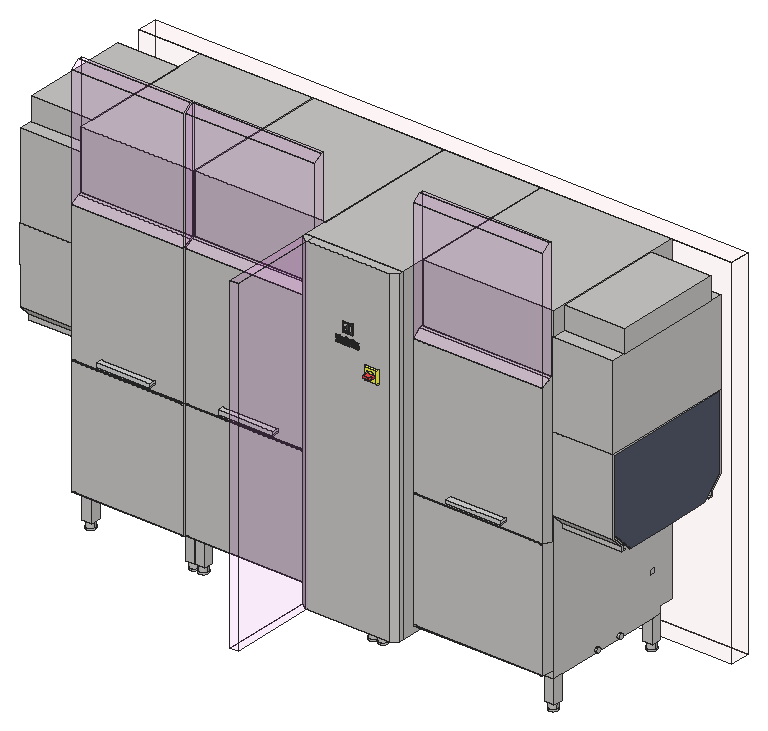
Revit family "QF_ELECTROLUXPROFESSIONAL_535063_EMR15NELEM", category Attrezzature speciali, Revit 2020
Family settings
  Quota connettore circolare = Usa diametro
  Tipo di parte = Normale
  Basato su piano di lavoro = No
  Sempre verticale = Sì
  Taglio con vuoti quando caricato = No
  Condiviso = No
  Punto di calcolo locali = No
Parameters (values of type "Standard")
  Weight = 511.00 kg
  Watts = 47700 W
  Volts = 380 V
  URL Manufacturer = "https://www.electroluxprofessional.com/"
  URL = "https://www.electroluxprofessional.com/"
  Steam Supply Size = 0 mm
  Steam Supply Minimum Pressure = 0.0 Pa
  Steam Supply Maximum Pressure = 0.0 Pa
  Steam Consumption per Hour = 0
  Show Logo [instance] = yes
  Show Clearance [instance] = yes
  Refrigeration Suction Line Size = 0 mm
  Refrigeration Liquid Line Size = 0 mm
  Refrigerant Compressor Remote = yes
  Prospetto di default = 0 mm
  Produttore = "Electrolux Professional"
  Phase = 3
  Modello = "EMR15NELEM"
  Length Actual = 2940 mm  # constant formula
  Item Number = "535063"
  Hot Water Size = 19.05 mm
  Height Actual = 1785 mm  # constant formula
  HP = "64 HP"
  Gas Size = 0 mm
  Gas KW = 0
  Gas Input Pressure = 0 W
  Direct Waste Size = 50 mm
  Descrizione = "MULTIRIN.RT, 150R/H, EL. L>R, ESD-THERMAL LABEL COMPLIANT"
  Depth Actual = 895 mm  # constant formula
  Cycle = 50 Hz
  Condensate Return Size = 0 mm
  Compressed Air Volume = 0.0 L/s
  Compressed Air Size = 0 mm
  Compressed Air Pressure = 0.0 Pa
  Cold Water Size = 19.05 mm
  Accessory = yes
Reference planes
  plane 1 "Center (Front/Back)": y = 50
  plane 2: z = 0
  plane 3 "LEFT": x = -776
  plane 4 "RIGHT": x = 2164
  plane 5 "BACK": y = 450
  plane 6: z = 2095
  plane 7: z = 1785
  plane 8: y = -220
  plane 9: x = 414
  plane 10: y = -277.999
  plane 11: through (879, 430.532, 4000) normal (0.7071, 0.7071, 0)
  plane 12: through (899, 430.532, 4000) normal (0.7071, -0.7071, 0)
  plane 13: through (1069, 430.532, 4000) normal (0.7071, -0.7071, 0)
  plane 14: through (1049, 430.532, 4000) normal (0.7071, 0.7071, 0)
  plane 15: through (964, -302, 4000) normal (0.7071, 0.7071, 0)
  plane 16: through (984, -302, 4000) normal (0.7071, -0.7071, 0)
  plane 17: through (0, 318, 353) normal (0, 0.7071, -0.7071)
  plane 18: through (0, 318, 373) normal (0, -0.7071, -0.7071)
Forms (mm)
  Extrusion 1, solid, material "QF_Finishes_Clearance", visible <- "Show Clearance"
    sketch origin (0, 0, 0) x (1, 0, 0) y (0, 1, 0)
      loop
        line (-776, 450) -> (2164, 450) -> (2164, 550) -> (-776, 550) -> (-776, 450)
    from 0 to 1785
  Extrusion 2, solid, material "QF_Finishes_Stainless Steel"
    sketch origin (471.404, 247.509, 148) x (0, -1, 0) y (1, 0, 0)
      loop
        line (-163.023, 407.596) -> (-163.023, 427.596) -> (-183.023, 427.596) -> (-183.023, 407.596) -> (-163.023, 407.596)
    from 0 to 2
  Extrusion 3, solid, material "QF_Finishes_Stainless Steel"
    sketch origin (1476.596, 247.509, 148) x (0, 1, 0) y (-1, 0, 0)
      loop
        line (163.023, 407.596) -> (183.023, 407.596) -> (183.023, 427.596) -> (163.023, 427.596) -> (163.023, 407.596)
    from 0 to 2
  Extrusion 4, solid, material "QF_Finishes_Stainless Steel"
    sketch origin (556.404, -485.023, 148) x (0, -1, 0) y (1, 0, 0)
      loop
        line (-163.023, 407.596) -> (-163.023, 427.596) -> (-183.023, 427.596) -> (-183.023, 407.596) -> (-163.023, 407.596)
    from 0 to 2
  Extrusion 5, solid, material "QF_Finishes_Stainless Steel"
    sketch origin (-478, 249.977, 990.404) x (0, 0, 1) y (0, -1, 0)
      loop
        line (407.596, -163.023) -> (407.596, -183.023) -> (427.596, -183.023) -> (427.596, -163.023) -> (407.596, -163.023)
    from 0 to 2
  Extrusion 6, solid, material "QF_Finishes_Stainless Steel"
    sketch origin (-478, 249.977, 940.404) x (0, 0, 1) y (0, -1, 0)
      loop
        line (407.596, -163.023) -> (407.596, -183.023) -> (427.596, -183.023) -> (427.596, -163.023) -> (407.596, -163.023)
    from 0 to 2
  Extrusion 7, solid, material "QF_Finishes_Stainless Steel"
    sketch origin (1866, 249.977, 990.404) x (0, 0, 1) y (0, 1, 0)
      loop
        line (407.596, 163.023) -> (427.596, 163.023) -> (427.596, 183.023) -> (407.596, 183.023) -> (407.596, 163.023)
    from 0 to 2
  Extrusion 8, solid, material "QF_Finishes_Stainless Steel"
    sketch origin (1866, 249.977, 940.404) x (0, 0, 1) y (0, 1, 0)
      loop
        line (407.596, 163.023) -> (427.596, 163.023) -> (427.596, 183.023) -> (407.596, 183.023) -> (407.596, 163.023)
    from 0 to 2
  Extrusion 9, solid, material "QF_Finishes_Stainless Steel"
    sketch origin (1866, 154.977, -54.596) x (0, 0, 1) y (0, 1, 0)
      loop
        line (407.596, 163.023) -> (427.596, 163.023) -> (427.596, 183.023) -> (407.596, 183.023) -> (407.596, 163.023)
    from 0 to 2
  Extrusion 10, solid, material "QF_Finishes_Stainless Steel"
    sketch origin (1869.617, 892.464, 1271.423) x (0, 0, -1) y (0, -1, 0)
      loop
        circle (1102.159, 772.464) r 10
    from -9.383 to 5.617
  Extrusion 11, solid, material "QF_Finishes_Stainless Steel"
    sketch origin (1869.617, 752.464, 1271.423) x (0, 0, -1) y (0, -1, 0)
      loop
        circle (1102.159, 772.464) r 10
    from -9.383 to 5.617
  Extrusion 12, solid, material "QF_Finishes_Stainless Steel"
    sketch origin (-481.617, 752.464, 1289.423) x (0, 0, -1) y (0, 1, 0)
      loop
        circle (1102.159, -772.464) r 25
    from -9.383 to 5.617
  Extrusion 13, solid, material "QF_Finishes_Stainless Steel"
    sketch origin (1987.023, 452, -177.096) x (0, 0, 1) y (-1, 0, 0)
      loop
        line (407.596, 163.023) -> (427.596, 163.023) -> (427.596, 183.023) -> (407.596, 183.023) -> (407.596, 163.023)
    from 0 to 2
  Extrusion 14, solid, material "QF_Finishes_Stainless Steel"
    sketch origin (-478, 154.977, -54.596) x (0, 0, 1) y (0, -1, 0)
      loop
        line (407.596, -163.023) -> (407.596, -183.023) -> (427.596, -183.023) -> (427.596, -163.023) -> (407.596, -163.023)
    from 0 to 2
  Extrusion 15, solid, material "QF_Finishes_Door Clearance", visible <- "Show Clearance"
    sketch origin (1539, 66.742, 602) x (0, 1, 0) y (0, 0, 1)
      loop
        line (-351.742, 1493) -> (-368.817, 1493) -> (-408.742, 1463.413) -> (-408.742, 861.413) -> (-368.817, 891) -> (-351.742, 891) -> (-351.742, 1493)
    from -320 to 320
  Extrusion 16, solid, material "QF_Finishes_Door Clearance", visible <- "Show Clearance"
    sketch origin (-152, 63.742, 602) x (0, 1, 0) y (0, 0, 1)
      loop
        line (-351.742, 1493) -> (-368.817, 1493) -> (-408.742, 1463.413) -> (-408.742, 861.413) -> (-368.817, 891) -> (-351.742, 891) -> (-351.742, 1493)
    from -320 to 234
  Extrusion 17, solid, material "QF_Finishes_Door Clearance", visible <- "Show Clearance"
    sketch origin (409.648, 66.742, 602) x (0, 1, 0) y (0, 0, 1)
      loop
        line (-351.742, 1493) -> (-368.817, 1493) -> (-408.742, 1463.413) -> (-408.742, 861.413) -> (-368.817, 891) -> (-351.742, 891) -> (-351.742, 1493)
    from -320 to 320
  Extrusion 18, solid, material "QF_Finishes_Door Clearance", visible <- "Show Clearance"
    sketch origin (811.211, 799.242, 0) x (1, 0, 0) y (0, 1, 0)
      loop
        line (-76.563, -1201.332) -> (-76.563, -1674.242) -> (-34.063, -1674.242) -> (-34.063, -1201.332) -> (-76.563, -1201.332)
    from 150 to 1785
Dimensions and locks
  plane 3 "LEFT" to plane 4 "RIGHT" = 2940 mm
  plane 6 to level = 2095 mm
  plane 7 to level = 1785 mm
  nested 1 to level = 2095 mm
  nested 2 to plane 10 = 167 mm
  nested 4 to nested 5 = 1780 mm
  nested 7 to nested 4 = 796 mm
  nested 5 to nested 6 = 796 mm
  nested 1 to Extrusion 1 = 860 mm
  Extrusion 1 to nested 3 = 300 mm
  nested 2 to nested 3 = 894.999 mm
  plane 3 "LEFT" to plane 9 to plane 4 "RIGHT" = 1190 mm, 1750 mm
  aligned and locked: level to plane 2
Nested families
  nested 1: "MODULO_GRANDE - 650" at (469.563, 61.742, 0), type "MODULO_GRANDE - 650"
    with Show Logo yes, Show Clearance yes
  nested 2: "MODULO_CENTRALE - 480" at (810.563, 799.242, 0), type "MODULO_CENTRALE - 480"
    with Show Right yes, Show Logo yes, Show Left no, Show Clearance yes
  nested 3: "MODULO_GRANDE - 650" at (1599.563, 61.742, 0), type "MODULO_GRANDE - 650"
    with Show Logo yes, Show Clearance yes
  nested 4: "Piedino_Square_150H" at (107.5, -254.499, 0), type "Piedino_Square_150H"
  nested 5: "Piedino_Square_150H" at (1840.5, -254.499, 0), type "Piedino_Square_150H"
  nested 6: "Piedino_Square_150H" at (997.5, -254.499, 0), type "Piedino_Square_150H"
  nested 7: "Piedino_Square_150H" at (950.5, -254.499, 0), type "Piedino_Square_150H"
  nested 8: "Piedino_Square_150H" at (107.5, 354.5, 0), type "Piedino_Square_150H"
  nested 9: "Piedino_Square_150H" at (1840.5, 354.5, 0), type "Piedino_Square_150H"
  nested 10: "Piedino_Square_150H" at (997.5, 354.5, 0), type "Piedino_Square_150H"
  nested 11: "Piedino_Square_150H" at (950.5, 354.5, 0), type "Piedino_Square_150H"
  nested 12: "HOODV_300" at (2247.563, 61.742, -112), type "HOODV_300"
  nested 13: "HOODV_300" at (-859.563, 61.742, -112) x (-1, 0, 0) z (0, 0, 1), type "HOODV_300"
  nested 14: "MODULO_PICCOLO" at (-92.437, 61.742, 0), type "MODULO_PICCOLO"
    with Show Logo yes, Show Clearance yes
  nested 15: "Piedino_Square_150H" at (60.5, -254.499, 0), type "Piedino_Square_150H"
  nested 16: "Piedino_Square_150H" at (60.5, 354.5, 0), type "Piedino_Square_150H"
  nested 17: "Piedino_Square_150H" at (-452.5, -254.499, 0), type "Piedino_Square_150H"
  nested 18: "Piedino_Square_150H" at (-452.5, 354.5, 0), type "Piedino_Square_150H"
  nested 19: "ELX_LOGO_WORDS_MEDIUM" at (974, -444.999, 1409.259) x (1, 0, 0) z (0, -1, 0), Show Logo <- "Show Logo", visible <- "Show Logo", type "ELX_LOGO_WORDS_MEDIUM"
    with Show Logo yes
  nested 20: "ELXP_LOGO_ONLY_MEDIUM" at (974, -444.999, 1469.569) x (1, 0, 0) z (0, -1, 0), Show Logo <- "Show Logo", visible <- "Show Logo", type "ELXP_LOGO_ONLY_MEDIUM"
    with Show Logo yes
Connectors
  electrical at (889, 420.532, 148)
    settings: on Extrusion 2, index 128, voltage 0 V, apparent load 0 VA, apparent load phase1 0 VA, apparent load phase2 0 VA, apparent load phase3 0 VA, power factor 1, load classification "Altro", number of poles 1, system type 30, power factor state 1, is connector primary yes, connector utility no, sub classification motor no, connector description "EI"
  electrical at (1059, 420.532, 148)
    settings: on Extrusion 3, index 142, voltage 0 V, apparent load 0 VA, apparent load phase1 0 VA, apparent load phase2 0 VA, apparent load phase3 0 VA, power factor 1, load classification "Altro", number of poles 1, system type 30, power factor state 1, is connector primary no, connector utility no, sub classification motor no, connector description "EI"
  electrical at (974, -312, 148)
    settings: on Extrusion 4, index 143, voltage 0 V, apparent load 0 VA, apparent load phase1 0 VA, apparent load phase2 0 VA, apparent load phase3 0 VA, power factor 1, load classification "Altro", number of poles 1, system type 30, power factor state 1, is connector primary no, connector utility no, sub classification motor no, connector description "EI"
  electrical at (-478, 423, 1408)
    settings: on Extrusion 5, index 147, voltage 0 V, apparent load 0 VA, apparent load phase1 0 VA, apparent load phase2 0 VA, apparent load phase3 0 VA, power factor 1, load classification "Altro", number of poles 1, system type 30, power factor state 1, is connector primary no, connector utility no, sub classification motor no, connector description "EO"
  electrical at (-478, 423, 1358)
    settings: on Extrusion 6, index 148, voltage 0 V, apparent load 0 VA, apparent load phase1 0 VA, apparent load phase2 0 VA, apparent load phase3 0 VA, power factor 1, load classification "Altro", number of poles 1, system type 30, power factor state 1, is connector primary no, connector utility no, sub classification motor no, connector description "ES"
  electrical at (1866, 423, 1408)
    settings: on Extrusion 7, index 149, voltage 0 V, apparent load 0 VA, apparent load phase1 0 VA, apparent load phase2 0 VA, apparent load phase3 0 VA, power factor 1, load classification "Altro", number of poles 1, system type 30, power factor state 1, is connector primary no, connector utility no, sub classification motor no, connector description "EO"
  electrical at (1866, 423, 1358)
    settings: on Extrusion 8, index 150, voltage 0 V, apparent load 0 VA, apparent load phase1 0 VA, apparent load phase2 0 VA, apparent load phase3 0 VA, power factor 1, load classification "Altro", number of poles 1, system type 30, power factor state 1, is connector primary no, connector utility no, sub classification motor no, connector description "ES"
  electrical at (1866, 328, 363)
    settings: on Extrusion 9, index 151, voltage 0 V, apparent load 0 VA, apparent load phase1 0 VA, apparent load phase2 0 VA, apparent load phase3 0 VA, power factor 1, load classification "Altro", number of poles 1, system type 30, power factor state 1, is connector primary no, connector utility no, sub classification motor no, connector description "ES"
  piping at (1879, 120, 169.264), diameter 12.9
    settings: on Extrusion 10, index 156, connector inside diameter 609.6 mm, connector length 0 mm, flow factor 0, pipe flow 0.0 L/s, pressure drop 0.0 Pa, fitting loss kfactor 0, connector angle 0.00°, fixture units 0, engagement length 0 mm, angle of deflection 0.00°, flow configuration 0, flow direction 0, fitting loss method 0, system type 29, joint type 0, gender type 0, connector reference index -1, connector utility 0, adjustable connector no, is connector primary yes, connector description "WI"
  piping at (1879, -20, 169.264), diameter 12.9
    settings: on Extrusion 11, index 157, connector inside diameter 609.6 mm, connector length 0 mm, flow factor 0, pipe flow 0.0 L/s, pressure drop 0.0 Pa, fitting loss kfactor 0, connector angle 0.00°, fixture units 0, engagement length 0 mm, angle of deflection 0.00°, flow configuration 0, flow direction 0, fitting loss method 0, system type 29, joint type 0, gender type 0, connector reference index -1, connector utility 0, adjustable connector no, is connector primary no, connector description "CWI"
  piping at (-491, -20, 187.264), diameter 50
    settings: on Extrusion 12, index 158, connector inside diameter 609.6 mm, connector length 0 mm, flow factor 0, pipe flow 0.0 L/s, pressure drop 0.0 Pa, fitting loss kfactor 0, connector angle 0.00°, fixture units 0, engagement length 0 mm, angle of deflection 0.00°, flow configuration 0, flow direction 0, fitting loss method 0, system type 29, joint type 0, gender type 0, connector reference index -1, connector utility 0, adjustable connector no, is connector primary no, connector description "D"
  electrical at (1814, 452, 240.5)
    settings: on Extrusion 13, index 159, voltage 0 V, apparent load 0 VA, apparent load phase1 0 VA, apparent load phase2 0 VA, apparent load phase3 0 VA, power factor 1, load classification "Altro", number of poles 1, system type 30, power factor state 1, is connector primary no, connector utility no, sub classification motor no, connector description "EQ"
  electrical at (-478, 328, 363)
    settings: on Extrusion 14, index 160, voltage 0 V, apparent load 0 VA, apparent load phase1 0 VA, apparent load phase2 0 VA, apparent load phase3 0 VA, power factor 1, load classification "Altro", number of poles 1, system type 30, power factor state 1, is connector primary no, connector utility no, sub classification motor no, connector description "ES"
Definition of nested family "MODULO_GRANDE - 650"
  Parameters (values of type "MODULO_GRANDE - 650")
    URL = "http://professional.electrolux.com"
    Show Logo [instance] = yes
    Default Elevation = 0 mm
    Manufacturer = "Electrolux"
    Model = "ESR10E5"
    Length Actual = 0 mm
    Show Clearance [instance] = yes
    Height Actual = 0 mm
    Description = "SINGLE RINSE RT, 100R/H, ELECTRIC 50HZ"
    Depth Actual = 0 mm
  Reference planes
    plane 1: z = 0
    plane 2 "LEFT": x = -385.563
    plane 3 "RIGHT": x = 264.437
    plane 4 "BACK": y = 388.258
    plane 5 "FEET": z = 150
    plane 6: z = 2095
    plane 7 "TOP": z = 1785
  Forms (mm)
    Extrusion 1, solid
      sketch origin (-727.563, 442.565, 4000) x (0, 1, 0) y (0, 0, 1)
        loop
          line (-54.307, -2507) -> (-786.307, -2507) -> (-786.307, -3850) -> (-126.307, -3850) -> (-126.307, -3812) -> (-54.307, -3812) -> (-54.307, -2507)
      from 992 to 342
    Extrusion 2, solid
      sketch origin (105, 0, 0) x (1, 0, 0) y (0, 1, 0)
        loop
          line (-490.563, 388.258) -> (-490.563, -343.742) -> (159.437, -343.742) -> (159.437, 388.258) -> (-490.563, 388.258)
      from 1493 to 1785
  Dimensions and locks
    plane 2 "LEFT" to plane 3 "RIGHT" = 650 mm
    plane 5 "FEET" to level = 150 mm
    plane 5 "FEET" to plane 7 "TOP" = 1635 mm
    plane 3 "RIGHT" to plane 2 "LEFT" = 650 mm
    plane 4 "BACK" to Extrusion 2 = 732 mm
    aligned and locked: level to plane 1
  Nested families
    nested 1: "Door_650_DISHWASHING" at (-452, 5, 0), type "Door_650_DISHWASHING"
      with Show Clearance yes
  Definition of nested family "Door_650_DISHWASHING"
    Parameters (values of type "Door_650_DISHWASHING")
      Show Clearance [instance] = yes
      Default Elevation = 0 mm
    Reference planes
      plane 1: z = 0
      plane 2 "Center Y": x = 391.437
      plane 3 "LEFT": x = 71.437
      plane 4 "RIGHT": x = 711.437
      plane 5 "FRONT": y = -408.742
      plane 6: z = 150
      plane 7: y = -348.742
    Forms (mm)
      Extrusion 1, solid
        sketch origin (766.937, -408.742, 1493) x (0, 0, -1) y (1, 0, 0)
          loop
            line (686, -505.5) -> (686, -245.5)
            arc (686, -245.5) -> (684.536, -241.964) -> (681, -240.5) r 5
            line (681, -240.5) -> (666, -240.5) -> (666, -510.5) -> (681, -510.5)
            arc (681, -510.5) -> (684.536, -509.036) -> (686, -505.5) r 5
        from 0 to 30
      Extrusion 2, solid
        sketch origin (391.437, 0, 0) x (0, 1, 0) y (0, 0, 1)
          loop
            line (-348.742, 188) -> (-348.742, 758.131) -> (-405.595, 774.035)
            arc (-405.595, 774.035) -> (-407.764, 773.603) -> (-408.742, 771.62) r 2.5
            line (-408.742, 771.62) -> (-408.742, 190.5)
            arc (-408.742, 190.5) -> (-408.01, 188.732) -> (-406.242, 188) r 2.5
            line (-406.242, 188) -> (-348.742, 188)
        from -320 to 320
      Extrusion 3, solid
        sketch origin (391.437, 0, 0) x (0, 1, 0) y (0, 0, 1)
          loop
            line (-351.742, 1493) -> (-368.817, 1493) -> (-408.742, 1463.413) -> (-408.742, 778.225)
            arc (-408.742, 778.225) -> (-408.225, 776.703) -> (-406.889, 775.81) r 2.5
            line (-406.889, 775.81) -> (-354.889, 761.206)
            arc (-354.889, 761.206) -> (-352.72, 761.638) -> (-351.742, 763.621) r 2.5
            line (-351.742, 763.621) -> (-351.742, 1493)
        from -320 to 320
    Lines and regions (mm)
      symbolic lines
        curve 1: line (76.437, -408.742, 1785) -> (76.437, -348.742, 1785)
        curve 2: line (706.437, -408.742, 1785) -> (76.437, -408.742, 1785)
        curve 3: line (706.437, -348.742, 1785) -> (706.437, -408.742, 1785)
        curve 4: line (191.437, -438.742, 1785) -> (191.437, -408.742, 1785)
        curve 5: line (591.437, -438.742, 1785) -> (191.437, -438.742, 1785)
        curve 6: line (591.437, -408.742, 1785) -> (591.437, -438.742, 1785)
    Dimensions and locks
      plane 3 "LEFT" to plane 4 "RIGHT" = 640 mm
      plane 6 to level = 150 mm
      equal spacing: plane 3 "LEFT", plane 2 "Center Y", plane 4 "RIGHT"
      plane 4 "RIGHT" to plane 3 "LEFT" = 640 mm
      aligned and locked: level to plane 1
    Automatic sketch dimensions
      Extrusion 2 sketch curve to plane 5 "FRONT" = 0 mm
      Extrusion 2 sketch curve to plane 7 = 0 mm
      plane 5 "FRONT" to Extrusion 2 sketch curve = 2.5 mm
      Extrusion 2 sketch curve to Extrusion 2 sketch curve = 2.5 mm
      Extrusion 2 sketch curve to Extrusion 2 sketch curve = 0.647 mm
      plane 6 to Extrusion 2 sketch curve = 38 mm
      Extrusion 2 sketch curve to Extrusion 2 sketch curve = 570.131 mm
      Extrusion 2 sketch curve to Extrusion 2 sketch curve = 13.489 mm
      Extrusion 3 sketch curve to plane 5 "FRONT" = 0 mm
      plane 5 "FRONT" to Extrusion 3 sketch curve = 1.853 mm
      Extrusion 3 sketch curve to Extrusion 3 sketch curve = 0.647 mm  (x2)
      Extrusion 3 sketch curve to plane 7 = 20.076 mm
      Extrusion 3 sketch curve to plane 7 = 6.147 mm
      Extrusion 3 sketch curve to plane 7 = 3 mm
      plane 6 to Extrusion 3 sketch curve = 611.206 mm
      Extrusion 3 sketch curve to Extrusion 3 sketch curve = 14.603 mm
      Extrusion 3 sketch curve to Extrusion 3 sketch curve = 685.188 mm
      Extrusion 3 sketch curve to Extrusion 3 sketch curve = 29.587 mm
      curve 1 to plane 7 = 0 mm
      curve 3 to plane 7 = 0 mm
      curve 2 to plane 5 "FRONT" = 0 mm
      curve 5 to plane 5 "FRONT" = 30 mm
      plane 3 "LEFT" to curve 2 = 5 mm
      curve 5 to plane 2 "Center Y" = 200 mm
      plane 2 "Center Y" to curve 5 = 200 mm
      curve 2 to plane 4 "RIGHT" = 5 mm
      Extrusion 1 sketch curve to plane 2 "Center Y" = 135 mm
      plane 6 to Extrusion 1 sketch curve = 677 mm
      Extrusion 1 sketch curve to Extrusion 1 sketch curve = 15 mm
      Extrusion 1 sketch curve to Extrusion 1 sketch curve = 5 mm  (x2)
      plane 2 "Center Y" to Extrusion 1 sketch curve = 130 mm
Definition of nested family "MODULO_CENTRALE - 480"
  Parameters (values of type "MODULO_CENTRALE - 480")
    Show Right [instance] = not(Show Left)  # yes
    Show Logo [instance] = yes
    Show Left [instance] = no
    Show Clearance [instance] = yes
    Default Elevation = 0 mm
  Reference planes
    plane 1: z = 0
    plane 2 "LEFT": x = -76.563
    plane 3 "BACK": y = -349.242
    plane 4: z = 150
    plane 5: x = 403.437
    plane 6: y = -1244.241
    plane 7: x = 163.438
    plane 8: y = -1674.242
  Forms (mm)
    Extrusion 1, solid
      sketch origin (-163.616, -620, 0) x (1, 0, 0) y (0, 1, 0)
        loop
          line (87.054, 270.758) -> (87.054, -581.332) -> (567.054, -581.332) -> (567.054, 270.758) -> (87.054, 270.758)
      from 150 to 1785
    Extrusion 2, solid
      sketch origin (0, -740.199, 0) x (1, 0, 0) y (0, 1, 0)
        loop
          line (371.13, -504.042) -> (371.973, -503.729) -> (402.789, -480.925) -> (403.437, -479.639) -> (403.437, -461.133) -> (-76.563, -461.133) -> (-76.563, -479.639) -> (-75.915, -480.925) -> (-45.099, -503.729) -> (-44.256, -504.042) -> (371.13, -504.042)
      from 150 to 1785
  Dimensions and locks
    plane 4 to level = 150 mm
    Extrusion 1 to Extrusion 1 = 1635 mm
    plane 5 to plane 2 "LEFT" = 480 mm
    plane 3 "BACK" to plane 8 = 1325 mm
    aligned and locked: level to plane 1
  Nested families
    nested 1: "ON_OFF_GIALLO" at (282.917, -1244.241, 1304.8) x (-1, 0, 0) z (0, -1, 0), visible <- "Show Right", type "ON_OFF_GIALLO"
  Definition of nested family "ON_OFF_GIALLO"
    Parameters
      Default Elevation = 1219.2 mm
    Reference planes
      plane 1 "Centro (Fronte/Retro)": y = 0
      plane 2: z = 0
      plane 3 "Centro (Sinistra/Destra)": x = 0
    Forms (mm)
      Extrusion 1, solid
        sketch origin (0, 0, 0) x (1, 0, 0) y (0, 1, 0)
          loop
            line (-1219.2, 1219.2) -> (-1219.2, -1219.2) -> (1219.2, -1219.2) -> (1219.2, 1219.2) -> (-1219.2, 1219.2)
        from 0 to -304.8
      Blend 2, solid
        base sketch origin (209.903, -1304.8, -0.8) x (-1, 0, 0) y (0, -1, 0)
          loop
            arc (241.024, -1337.8) -> (242.365, -1337.262) -> (242.903, -1335.921) r 1.838
            line (242.903, -1335.921) -> (242.903, -1273.679)
            arc (242.903, -1273.679) -> (242.365, -1272.338) -> (241.024, -1271.8) r 1.838
            line (241.024, -1271.8) -> (178.782, -1271.8)
            arc (178.782, -1271.8) -> (177.441, -1272.338) -> (176.903, -1273.679) r 1.838
            line (176.903, -1273.679) -> (176.903, -1335.921)
            arc (176.903, -1335.921) -> (177.441, -1337.262) -> (178.782, -1337.8) r 1.838
            line (178.782, -1337.8) -> (241.024, -1337.8)
        top sketch origin (209.903, -1304.8, -0.8) x (-1, 0, 0) y (0, -1, 0)
          loop
            line (238.946, -1275.8) -> (180.86, -1275.8) -> (180.86, -1333.8) -> (238.946, -1333.8) -> (238.946, -1275.8)
        from 0.8 to 10.3
      Blend 3, solid
        base sketch origin (209.903, -1304.8, 10.2) x (-1, 0, 0) y (0, -1, 0)
          loop
            arc (224.427, -1310.95) -> (230.577, -1304.8) -> (224.427, -1298.65) r 6.15
            line (224.427, -1298.65) -> (195.379, -1298.65)
            arc (195.379, -1298.65) -> (189.229, -1304.8) -> (195.379, -1310.95) r 6.15
            line (195.379, -1310.95) -> (224.427, -1310.95)
        top sketch origin (209.903, -1304.8, 10.2) x (-1, 0, 0) y (0, -1, 0)
          loop
            arc (195.379, -1300.65) -> (191.229, -1304.8) -> (195.379, -1308.95) r 4.15
            line (195.379, -1308.95) -> (224.427, -1308.95)
            arc (224.427, -1308.95) -> (228.577, -1304.8) -> (224.427, -1300.65) r 4.15
            line (224.427, -1300.65) -> (195.379, -1300.65)
        from -2 to 23
      Extrusion 4, void
        sketch origin (-143.534, -1304.8, -504.042) x (1, 0, 0) y (0, 0, -1)
          loop
            line (117.69, -537.242) -> (135.678, -537.242) -> (132.541, -536.135) -> (117.69, -524.167) -> (117.69, -537.242)
        from 1298.65 to 1310.95
      Extrusion 5, void
        sketch origin (209.903, -1304.8, 9.5) x (0, -1, 0) y (-1, 0, 0)
          loop
            circle (-1304.8, 209.903) r 21
        from 0 to 2
    Cuts and joins
      Extrusion 4 cuts Blend 3
      Extrusion 5 cuts Blend 2
    Dimensions and locks
      aligned and locked: plane 2 to Extrusion 1
      aligned and locked: level to Extrusion 1
Definition of nested family "Piedino_Square_150H"
  Parameters (values of type "Piedino_Square_150H")
    Default Elevation = 0 mm
  Reference planes
    plane 1 "Centro (Fronte/Retro)": y = 0
    plane 2: z = 0
    plane 3 "Centro (Sinistra/Destra)": x = 0
    plane 4: z = 150
  Forms (mm)
    Extrusion 1, solid
      sketch origin (0, 0, 0) x (1, 0, 0) y (0, 1, 0)
        loop
          circle (0, 0) r 23
      from 0 to 5
    Extrusion 2, solid
      sketch origin (0, 0, 5) x (1, 0, 0) y (0, 1, 0)
        loop
          circle (0, 0) r 20
      from 0 to 29.114
    Extrusion 3, solid
      sketch origin (0, 0, 34.114) x (1, 0, 0) y (0, 1, 0)
        loop
          line (-23.5, 23.5) -> (-23.5, -23.5) -> (23.5, -23.5) -> (23.5, 23.5) -> (-23.5, 23.5)
      from 0 to 115.886
  Dimensions and locks
    plane 4 to level = 150 mm
    radius of Extrusion 1 sketch curve = 23 mm
    aligned and locked: level to plane 2
    aligned and locked: Extrusion 1 to level
Definition of nested family "HOODV_300"
  Parameters (values of type "HOODV_300")
    URL = "http://professional.electrolux.com"
    Default Elevation = 0 mm
    Manufacturer = "Electrolux"
    Model = "ESR10E5"
    Description = "SINGLE RINSE RT, 100R/H, ELECTRIC 50HZ"
  Reference planes
    plane 1 "Center X": y = -16.742
    plane 2: z = 0
    plane 3 "LEFT": x = -383.563
    plane 4 "RIGHT": x = -83.563
    plane 5 "BACK": y = 388.258
    plane 6: z = 900
    plane 7 "TOP": z = 1785
    plane 8 "FRONT": y = -408.742
    plane 9: y = -348.742
    plane 10: z = 1365
  Forms (mm)
    Extrusion 1, solid
      sketch origin (293.437, 0, 235) x (0, 1, 0) y (0, 0, 1)
        loop
          line (316.258, 1550) -> (-348.742, 1550) -> (-348.742, 1130) -> (316.258, 1130) -> (316.258, 1550)
      from -677 to -377
    Extrusion 2, solid
      sketch origin (-83.563, 415.936, 4000) x (0, 1, 0) y (0, 0, 1)
        loop
          line (-764.678, -2635) -> (-764.678, -3010) -> (-711.645, -3063.033) -> (-711.645, -3088.033) -> (-691.645, -3088.033) -> (-691.645, -3084.033) -> (-707.645, -3084.033) -> (-707.645, -3061.376) -> (-760.678, -3008.343) -> (-760.678, -2639) -> (-103.678, -2639) -> (-103.678, -3008.343) -> (-156.711, -3061.376) -> (-156.711, -3084.033) -> (-172.711, -3084.033) -> (-172.711, -3088.033) -> (-152.711, -3088.033) -> (-152.711, -3063.033) -> (-99.678, -3010) -> (-99.678, -2635) -> (-764.678, -2635)
      from -300 to 0
    Extrusion 3, solid
      sketch origin (-83.563, 479.936, 4000) x (0, 1, 0) y (0, 0, 1)
        loop
          line (-265.178, -3095) -> (-169.327, -2999.149) -> (-169.327, -2639) -> (-819.029, -2639) -> (-819.029, -2999.149) -> (-723.178, -3095) -> (-522.318, -3095) -> (-265.178, -3095)
      from 0 to -2
    Extrusion 4, solid
      sketch origin (0, 0, 1785) x (1, 0, 0) y (0, 1, 0)
        loop
          line (-383.563, 257.258) -> (-383.563, -279.742) -> (-83.563, -279.742) -> (-83.563, 257.258) -> (-383.563, 257.258)
      from 0 to 112
  Lines and regions (mm)
    symbolic lines
      curve 1: line (-383.563, 316.258, 0) -> (-83.563, 316.258, 0)
      curve 2: line (-383.563, -348.742, 0) -> (-383.563, 316.258, 0)
      curve 3: line (-83.563, -348.742, 0) -> (-383.563, -348.742, 0)
      curve 4: line (-83.563, 316.258, 0) -> (-83.563, -348.742, 0)
      curve 5: line (-383.563, 257.258, 0) -> (-83.563, 257.258, 0)
      curve 6: line (-83.563, -279.742, 0) -> (-383.563, -279.742, 0)
  Dimensions and locks
    plane 3 "LEFT" to plane 4 "RIGHT" = 300 mm
    plane 5 "BACK" to plane 1 "Center X" to plane 8 "FRONT" = 405 mm, 392 mm
    plane 6 to level = 900 mm
    plane 6 to plane 7 "TOP" = 885 mm
    plane 5 "BACK" to plane 8 "FRONT" = 797 mm  (x2)
    plane 4 "RIGHT" to plane 3 "LEFT" = 300 mm
    plane 7 "TOP" to plane 10 = 420 mm
    plane 8 "FRONT" to plane 9 = 60 mm
    aligned and locked: level to plane 2
Definition of nested family "MODULO_PICCOLO"
  Parameters (values of type "MODULO_PICCOLO")
    URL = "http://professional.electrolux.com"
    Show Logo [instance] = yes
    Default Elevation = 0 mm
    Manufacturer = "Electrolux"
    Model = "ESR10E5"
    Length Actual = 0 mm
    Show Clearance [instance] = yes
    Height Actual = 0 mm
    Description = "SINGLE RINSE RT, 100R/H, ELECTRIC 50HZ"
    Depth Actual = 0 mm
  Reference planes
    plane 1 "Center X": y = -406.742
    plane 2: z = 0
    plane 3 "LEFT": x = -383.563
    plane 4 "RIGHT": x = 176.437
    plane 5 "BACK": y = 388.258
    plane 6 "FEET": z = 150
    plane 7: z = 2095
    plane 8 "BASE": z = 187
    plane 9 "TOP": z = 1785
  Forms (mm)
    Extrusion 1, solid
      sketch origin (176.437, 484.936, 4000) x (0, 1, 0) y (0, 0, 1)
        loop
          line (-96.678, -2215) -> (-831.678, -2215) -> (-831.678, -2507) -> (-96.678, -2507) -> (-96.678, -2215)
      from -560 to 0
    Extrusion 2, solid
      sketch origin (-383.563, 442.565, 4000) x (0, 1, 0) y (0, 0, 1)
        loop
          line (-54.307, -2507) -> (-789.307, -2507) -> (-789.307, -3850) -> (-126.307, -3850) -> (-126.307, -3812) -> (-54.307, -3812) -> (-54.307, -2507)
      from 560 to 0
  Dimensions and locks
    plane 3 "LEFT" to plane 4 "RIGHT" = 560 mm
    plane 5 "BACK" to plane 1 "Center X" = 795 mm
    plane 6 "FEET" to level = 150 mm
    plane 6 "FEET" to plane 9 "TOP" = 1635 mm
    plane 4 "RIGHT" to plane 3 "LEFT" = 560 mm
    plane 7 to plane 9 "TOP" to level = 310 mm, 1785 mm
    aligned and locked: level to plane 2
    aligned and locked: Extrusion 2 to plane 3 "LEFT"
    aligned and locked: plane 4 "RIGHT" to Extrusion 2
  Nested families
    nested 1: "Door_22''_DISHWASHING" at (-453, 2, 0), Show Clearance <- "Show Clearance", type "Door_22''_DISHWASHING"
  Definition of nested family "Door_22''_DISHWASHING"
    Parameters (values of type "Door_22''_DISHWASHING")
      Show Clearance [instance] = yes
      Default Elevation = 0 mm
    Reference planes
      plane 1: z = 0
      plane 2 "Center Y": x = 350.437
      plane 3 "LEFT": x = 70.437
      plane 4 "RIGHT": x = 630.437
      plane 5 "FRONT": y = -408.742
      plane 6: z = 150
      plane 7: y = -348.742
    Forms (mm)
      Extrusion 1, solid
        sketch origin (853.437, -408.742, 1493) x (0, 0, -1) y (1, 0, 0)
          loop
            line (666, -634) -> (681, -634)
            arc (681, -634) -> (684.536, -632.536) -> (686, -629) r 5
            line (686, -629) -> (686, -377)
            arc (686, -377) -> (684.536, -373.464) -> (681, -372) r 5
            line (681, -372) -> (666, -372) -> (666, -634)
        from 0 to 30
      Extrusion 2, solid
        sketch origin (350.437, 0, 0) x (0, 1, 0) y (0, 0, 1)
          loop
            line (-348.742, 188) -> (-348.742, 758.131) -> (-405.595, 774.035)
            arc (-405.595, 774.035) -> (-407.764, 773.603) -> (-408.742, 771.62) r 2.5
            line (-408.742, 771.62) -> (-408.742, 190.5)
            arc (-408.742, 190.5) -> (-408.01, 188.732) -> (-406.242, 188) r 2.5
            line (-406.242, 188) -> (-348.742, 188)
        from -277 to 277
      Extrusion 3, solid
        sketch origin (350.437, 0, 0) x (0, 1, 0) y (0, 0, 1)
          loop
            line (-351.742, 1493) -> (-368.817, 1493) -> (-408.742, 1463.413) -> (-408.742, 778.225)
            arc (-408.742, 778.225) -> (-408.225, 776.703) -> (-406.889, 775.81) r 2.5
            line (-406.889, 775.81) -> (-354.889, 761.206)
            arc (-354.889, 761.206) -> (-352.72, 761.638) -> (-351.742, 763.621) r 2.5
            line (-351.742, 763.621) -> (-351.742, 1493)
        from -277 to 277
    Lines and regions (mm)
      symbolic lines
        curve 1: line (73.437, -408.742, 1785) -> (73.437, -348.742, 1785)
        curve 2: line (627.437, -408.742, 1785) -> (73.437, -408.742, 1785)
        curve 3: line (627.437, -348.742, 1785) -> (627.437, -408.742, 1785)
        curve 4: line (219.437, -438.742, 1785) -> (219.437, -408.742, 1785)
        curve 5: line (481.437, -438.742, 1785) -> (219.437, -438.742, 1785)
        curve 6: line (481.437, -408.742, 1785) -> (481.437, -438.742, 1785)
    Dimensions and locks
      locked: plane 3 "LEFT" to plane 4 "RIGHT" at 560
      plane 6 to level = 150 mm
      equal spacing: plane 3 "LEFT", plane 2 "Center Y", plane 4 "RIGHT", locked at 280 each
      aligned and locked: level to plane 1
      aligned and locked: Extrusion 3 to Extrusion 2
    Automatic sketch dimensions
      Extrusion 1 sketch curve to plane 2 "Center Y" = 131 mm
      plane 6 to Extrusion 1 sketch curve = 677 mm
      Extrusion 1 sketch curve to Extrusion 1 sketch curve = 15 mm  (x2)
      Extrusion 1 sketch curve to Extrusion 1 sketch curve = 5 mm
      plane 2 "Center Y" to Extrusion 1 sketch curve = 126 mm
      Extrusion 2 sketch curve to plane 5 "FRONT" = 0 mm
      Extrusion 2 sketch curve to plane 7 = 0 mm
      plane 5 "FRONT" to Extrusion 2 sketch curve = 2.5 mm
      Extrusion 2 sketch curve to Extrusion 2 sketch curve = 2.5 mm
      Extrusion 2 sketch curve to Extrusion 2 sketch curve = 0.647 mm
      plane 6 to Extrusion 2 sketch curve = 38 mm
      Extrusion 2 sketch curve to Extrusion 2 sketch curve = 570.131 mm
      Extrusion 2 sketch curve to Extrusion 2 sketch curve = 13.489 mm
      curve 1 to plane 7 = 0 mm
      curve 3 to plane 7 = 0 mm
      curve 2 to plane 5 "FRONT" = 0 mm
      curve 5 to plane 5 "FRONT" = 30 mm
      plane 3 "LEFT" to curve 2 = 3 mm
      curve 5 to plane 2 "Center Y" = 131 mm
      plane 2 "Center Y" to curve 5 = 131 mm
      curve 2 to plane 4 "RIGHT" = 3 mm
      Extrusion 3 sketch curve to plane 5 "FRONT" = 0 mm
      plane 5 "FRONT" to Extrusion 3 sketch curve = 1.853 mm
      Extrusion 3 sketch curve to Extrusion 3 sketch curve = 0.647 mm  (x2)
      Extrusion 3 sketch curve to plane 7 = 20.076 mm
      Extrusion 3 sketch curve to plane 7 = 6.147 mm
      Extrusion 3 sketch curve to plane 7 = 3 mm
      plane 6 to Extrusion 3 sketch curve = 611.206 mm
      Extrusion 3 sketch curve to Extrusion 3 sketch curve = 14.603 mm
      Extrusion 3 sketch curve to Extrusion 3 sketch curve = 685.188 mm
      Extrusion 3 sketch curve to Extrusion 3 sketch curve = 29.587 mm
Definition of nested family "ELX_LOGO_WORDS_MEDIUM"
  Parameters (values of type "ELX_LOGO_WORDS_MEDIUM")
    Show Logo [instance] = yes
    Default Elevation = 0 mm
  Reference planes
    plane 1 "Centro (Fronte/Retro)": y = 0
    plane 2: z = 0
    plane 3 "Centro (Sinistra/Destra)": x = 0
  Forms (mm)
    Extrusion 1, solid
      sketch origin (0, 0, 0) x (1, 0, 0) y (0, 1, 0)
        loop
          line (-1219.2, 1219.2) -> (-1219.2, -1219.2) -> (1219.2, -1219.2) -> (1219.2, 1219.2) -> (-1219.2, 1219.2)
      from 0 to -304.8
    Extrusion 2, solid, visible <- "Show Logo"
      sketch origin (0, 0, 0) x (1, 0, 0) y (0, 1, 0)
        loop
          line (-45.351, 15.842) -> (-56.505, 15.842) -> (-56.505, 2.853)
          arc (-56.505, 2.853) -> (-55.037, -0.691) -> (-51.493, -2.159) r 5.012
          line (-51.493, -2.159) -> (-45.135, -2.159) -> (-45.135, 0.755) -> (-50.767, 0.755)
          arc (-50.767, 0.755) -> (-52.618, 1.38) -> (-53.406, 3.168) r 2.423
          line (-53.406, 3.168) -> (-53.406, 5.743) -> (-45.833, 5.743) -> (-45.833, 8.668) -> (-53.406, 8.668) -> (-53.406, 12.925) -> (-45.351, 12.925) -> (-45.351, 15.842)
        loop
          line (-42.933, 15.842) -> (-42.933, -2.159) -> (-39.832, -2.159) -> (-39.832, 15.842) -> (-42.933, 15.842)
        loop
          line (24.405, 15.842) -> (24.405, -2.159) -> (27.508, -2.159) -> (27.508, 15.842) -> (24.405, 15.842)
        loop
          line (-34.705, 3.589) -> (-24.531, 3.589)
          arc (-24.531, 3.589) -> (-26.123, 9.178) -> (-31.565, 11.217) r 6.447
          arc (-31.565, 11.217) -> (-36.358, 8.786) -> (-37.726, 3.589) r 6.56
          arc (-37.726, 3.589) -> (-35.926, -0.757) -> (-31.58, -2.557) r 6.146
          arc (-31.58, -2.557) -> (-28.198, -2.058) -> (-25.362, -0.149) r 7.726
          line (-25.362, -0.149) -> (-27.199, 1.688)
          arc (-27.199, 1.688) -> (-29.61, 0.242) -> (-32.411, 0.485) r 4.558
          arc (-32.411, 0.485) -> (-34.119, 1.622) -> (-34.705, 3.589) r 3.019
        loop
          line (-34.628, 5.769) -> (-27.646, 5.769)
          arc (-27.646, 5.769) -> (-28.626, 7.83) -> (-30.779, 8.59) r 2.974
          arc (-30.779, 8.59) -> (-33.263, 7.943) -> (-34.628, 5.769) r 3.481
        loop
          line (-12.445, 7.067) -> (-10.499, 9.013)
          arc (-10.499, 9.013) -> (-12.94, 10.78) -> (-15.907, 11.309) r 6.746
          arc (-15.907, 11.309) -> (-20.432, 9.655) -> (-22.806, 5.463) r 6.977
          arc (-22.806, 5.463) -> (-18.803, -1.885) -> (-10.608, -0.191) r 7.026
          line (-10.608, -0.191) -> (-12.544, 1.745)
          arc (-12.544, 1.745) -> (-16.723, 0.362) -> (-19.717, 3.589) r 4.071
          arc (-19.717, 3.589) -> (-19.509, 6.14) -> (-17.752, 8.002) r 3.867
          arc (-17.752, 8.002) -> (-14.941, 8.431) -> (-12.445, 7.067) r 4.442
        loop
          line (-8.594, 15.842) -> (-8.594, 3.541)
          arc (-8.594, 3.541) -> (-8.326, 1.695) -> (-7.635, -0.038) r 7.951
          arc (-7.635, -0.038) -> (-5.422, -1.797) -> (-2.62, -2.167) r 5.297
          line (-2.62, -2.167) -> (-2.62, 0.738)
          arc (-2.62, 0.738) -> (-3.453, 0.802) -> (-4.23, 1.109) r 2.792
          arc (-4.23, 1.109) -> (-5.227, 2.163) -> (-5.494, 3.589) r 2.57
          line (-5.494, 3.589) -> (-5.494, 8.043) -> (-2.678, 8.043) -> (-2.678, 10.86) -> (-5.494, 10.86) -> (-5.494, 15.842) -> (-8.594, 15.842)
        loop
          arc (3.006, 4.684) -> (3.228, 5.982) -> (3.868, 7.133) r 3.911
          arc (3.868, 7.133) -> (5.725, 8.086) -> (7.812, 8.043) r 4.26
          line (7.812, 8.043) -> (7.812, 11.023)
          arc (7.812, 11.023) -> (5.085, 10.766) -> (3.006, 8.983) r 4.524
          line (3.006, 8.983) -> (3.006, 10.86) -> (-0.069, 10.86) -> (-0.069, -2.159) -> (3.006, -2.159) -> (3.006, 4.684)
        loop
          circle (15.393, 4.348) r 6.899
        loop
          circle (15.393, 4.348) r 4.181
        loop
          arc (38.69, 3.262) -> (37.924, 1.158) -> (35.848, 0.319) r 2.752
          arc (35.848, 0.319) -> (33.771, 1.158) -> (33.005, 3.262) r 2.752
          line (33.005, 3.262) -> (33.005, 10.859) -> (29.879, 10.859) -> (29.879, 3.004)
          arc (29.879, 3.004) -> (31.658, -1.052) -> (35.848, -2.489) r 5.512
          arc (35.848, -2.489) -> (40.084, -1.008) -> (41.815, 3.132) r 5.512
          line (41.815, 3.132) -> (41.815, 10.859) -> (38.69, 10.859) -> (38.69, 3.262)
        loop
          line (43.689, 10.859) -> (48.192, 4.746) -> (43.245, -2.164) -> (46.578, -2.164) -> (49.861, 2.422) -> (53.193, -2.164) -> (56.505, -2.164) -> (51.629, 4.817) -> (56.087, 10.859) -> (52.703, 10.859) -> (49.851, 6.995) -> (47.043, 10.859) -> (43.689, 10.859)
        loop
          line (-53.813, -9.621) -> (-56.285, -9.621) -> (-56.285, -15.847) -> (-54.932, -15.847) -> (-54.932, -13.703) -> (-53.437, -13.703)
          arc (-53.437, -13.703) -> (-51.764, -11.49) -> (-53.813, -9.621) r 2.058
        loop
          arc (-53.496, -12.48) -> (-52.984, -11.679) -> (-53.496, -10.879) r 0.881
          line (-53.496, -10.879) -> (-54.932, -10.879) -> (-54.932, -12.48) -> (-53.496, -12.48)
        loop
          line (-44.045, -9.621) -> (-46.56, -9.621) -> (-46.56, -15.847) -> (-45.207, -15.847) -> (-45.207, -13.703) -> (-43.898, -13.703) -> (-43.003, -15.847) -> (-41.55, -15.847) -> (-42.774, -13.222)
          arc (-42.774, -13.222) -> (-42.188, -12.521) -> (-41.991, -11.628) r 1.922
          arc (-41.991, -11.628) -> (-42.609, -10.206) -> (-44.045, -9.621) r 2.055
        loop
          line (-45.207, -10.879) -> (-45.207, -12.48) -> (-43.771, -12.48)
          arc (-43.771, -12.48) -> (-43.258, -11.679) -> (-43.771, -10.879) r 0.881
          line (-43.771, -10.879) -> (-45.207, -10.879)
        loop
          circle (-33.602, -12.734) r 3.233
        loop
          circle (-33.602, -12.734) r 2.052
        loop
          line (-25.054, -9.622) -> (-25.054, -15.847) -> (-23.734, -15.847) -> (-23.734, -13.671) -> (-21.392, -13.671) -> (-21.392, -12.276) -> (-23.734, -12.276) -> (-23.734, -10.963) -> (-21.167, -10.963) -> (-21.167, -9.622) -> (-25.054, -9.622)
        loop
          line (-15.917, -9.622) -> (-15.917, -13.825)
          arc (-15.917, -13.825) -> (-15.343, -15.249) -> (-13.926, -15.842) r 1.991
          line (-13.926, -15.842) -> (-11.917, -15.842) -> (-11.917, -14.666) -> (-13.806, -14.666)
          arc (-13.806, -14.666) -> (-14.501, -14.091) -> (-14.638, -13.198) r 1.267
          line (-14.638, -13.198) -> (-12.15, -13.198) -> (-12.15, -12.023) -> (-14.638, -12.023) -> (-14.638, -10.797) -> (-11.977, -10.797) -> (-11.977, -9.622) -> (-15.917, -9.622)
        loop
          arc (6.626, -10.41) -> (5.801, -9.733) -> (4.757, -9.518) r 2.228
          arc (4.757, -9.518) -> (3.792, -9.755) -> (2.999, -10.352) r 2.468
          arc (2.999, -10.352) -> (2.853, -11.766) -> (3.765, -12.856) r 1.825
          arc (3.765, -12.856) -> (4.531, -13.112) -> (5.259, -13.464) r 6.301
          arc (5.259, -13.464) -> (5.719, -14.005) -> (5.402, -14.641) r 0.645
          arc (5.402, -14.641) -> (4.814, -14.78) -> (4.228, -14.631) r 1.269
          arc (4.228, -14.631) -> (3.722, -14.266) -> (3.412, -13.725) r 1.474
          line (3.412, -13.725) -> (2.324, -14.233)
          arc (2.324, -14.233) -> (2.716, -14.99) -> (3.348, -15.561) r 2.393
          arc (3.348, -15.561) -> (4.065, -15.867) -> (4.841, -15.945) r 2.579
          arc (4.841, -15.945) -> (5.8, -15.754) -> (6.664, -15.295) r 3.369
          arc (6.664, -15.295) -> (7.045, -14.28) -> (6.848, -13.214) r 2.023
          arc (6.848, -13.214) -> (6.423, -12.723) -> (5.879, -12.368) r 2.346
          arc (5.879, -12.368) -> (5.19, -12.061) -> (4.485, -11.796) r 12.353
          arc (4.485, -11.796) -> (4.077, -11.162) -> (4.666, -10.692) r 0.562
          arc (4.666, -10.692) -> (5.372, -10.862) -> (5.915, -11.344) r 1.497
          line (5.915, -11.344) -> (6.626, -10.41)
        loop
          line (12.337, -9.622) -> (12.337, -15.842) -> (13.616, -15.842) -> (13.616, -9.622) -> (12.337, -9.622)
        loop
          circle (22.24, -12.732) r 1.935
        loop
          circle (22.24, -12.732) r 3.231
        loop
          line (30.821, -15.842) -> (32.114, -15.842) -> (32.114, -11.931) -> (34.96, -15.842) -> (36.203, -15.842) -> (36.203, -9.622) -> (34.911, -9.622) -> (34.911, -13.651) -> (32.065, -9.622) -> (30.821, -9.622) -> (30.821, -15.842)
        loop
          line (42.652, -15.842) -> (43.258, -14.5) -> (45.559, -14.5) -> (46.165, -15.842) -> (47.54, -15.842) -> (44.912, -9.622) -> (43.712, -9.622) -> (41.279, -15.842) -> (42.652, -15.842)
        loop
          line (44.985, -13.224) -> (44.369, -11.857) -> (43.77, -13.224) -> (44.985, -13.224)
        loop
          line (53.893, -14.666) -> (53.893, -9.622) -> (52.614, -9.622) -> (52.614, -15.842) -> (56.285, -15.842) -> (56.285, -14.666) -> (53.893, -14.666)
        loop
          arc (-2.701, -10.41) -> (-3.525, -9.733) -> (-4.57, -9.518) r 2.228
          arc (-4.57, -9.518) -> (-5.534, -9.755) -> (-6.327, -10.352) r 2.468
          arc (-6.327, -10.352) -> (-6.473, -11.766) -> (-5.562, -12.856) r 1.825
          arc (-5.562, -12.856) -> (-4.795, -13.112) -> (-4.067, -13.464) r 6.301
          arc (-4.067, -13.464) -> (-3.608, -14.005) -> (-3.924, -14.641) r 0.645
          arc (-3.924, -14.641) -> (-4.512, -14.78) -> (-5.098, -14.631) r 1.269
          arc (-5.098, -14.631) -> (-5.604, -14.266) -> (-5.914, -13.725) r 1.474
          line (-5.914, -13.725) -> (-7.002, -14.233)
          arc (-7.002, -14.233) -> (-6.61, -14.99) -> (-5.978, -15.561) r 2.393
          arc (-5.978, -15.561) -> (-5.261, -15.867) -> (-4.485, -15.945) r 2.579
          arc (-4.485, -15.945) -> (-3.526, -15.754) -> (-2.663, -15.295) r 3.369
          arc (-2.663, -15.295) -> (-2.281, -14.28) -> (-2.478, -13.214) r 2.023
          arc (-2.478, -13.214) -> (-2.903, -12.723) -> (-3.448, -12.368) r 2.346
          arc (-3.448, -12.368) -> (-4.136, -12.061) -> (-4.842, -11.796) r 12.353
          arc (-4.842, -11.796) -> (-5.249, -11.162) -> (-4.66, -10.692) r 0.562
          arc (-4.66, -10.692) -> (-3.954, -10.862) -> (-3.412, -11.344) r 1.497
          line (-3.412, -11.344) -> (-2.701, -10.41)
      from 0 to 1.644
  Dimensions and locks
    aligned and locked: plane 2 to Extrusion 1
    aligned and locked: level to Extrusion 1
Definition of nested family "ELXP_LOGO_ONLY_MEDIUM"
  Parameters (values of type "ELXP_LOGO_ONLY_MEDIUM")
    Show Logo [instance] = yes
    Default Elevation = 0 mm
  Reference planes
    plane 1 "Centro (Fronte/Retro)": y = 0
    plane 2: z = 0
    plane 3 "Centro (Sinistra/Destra)": x = 0
  Forms (mm)
    Extrusion 1, solid
      sketch origin (0, 0, 0) x (1, 0, 0) y (0, 1, 0)
        loop
          line (-1219.2, 1219.2) -> (-1219.2, -1219.2) -> (1219.2, -1219.2) -> (1219.2, 1219.2) -> (-1219.2, 1219.2)
      from 0 to -304.8
    Extrusion 2, solid, visible <- "Show Logo"
      sketch origin (15.862, -72.798, 0) x (1, 0, 0) y (0, 1, 0)
        loop
          line (-40.901, 47.952) -> (9.138, 47.952) -> (9.138, 97.923) -> (-40.901, 97.923) -> (-40.901, 47.952)
        loop
          line (-9.2, 95.47) -> (-9.2, 50.507)
          arc (-9.2, 50.507) -> (7.421, 72.988) -> (-9.2, 95.47) r 23.515
        loop
          line (-11.486, 92.214) -> (-11.486, 95.47)
          arc (-11.486, 95.47) -> (-30.185, 91.22) -> (-39.194, 74.292) r 23.044
          line (-39.194, 74.292) -> (-31.756, 74.292)
          arc (-31.756, 74.292) -> (-18.467, 79.686) -> (-11.486, 92.214) r 21.599
        loop
          arc (-39.194, 71.685) -> (-30.2, 54.618) -> (-11.486, 49.93) r 23.647
          line (-11.486, 49.93) -> (-11.486, 53.763)
          arc (-11.486, 53.763) -> (-18.467, 66.291) -> (-31.756, 71.685) r 21.599
          line (-31.756, 71.685) -> (-39.194, 71.685)
      from 0 to 1.644
  Dimensions and locks
    aligned and locked: plane 2 to Extrusion 1
    aligned and locked: level to Extrusion 1
